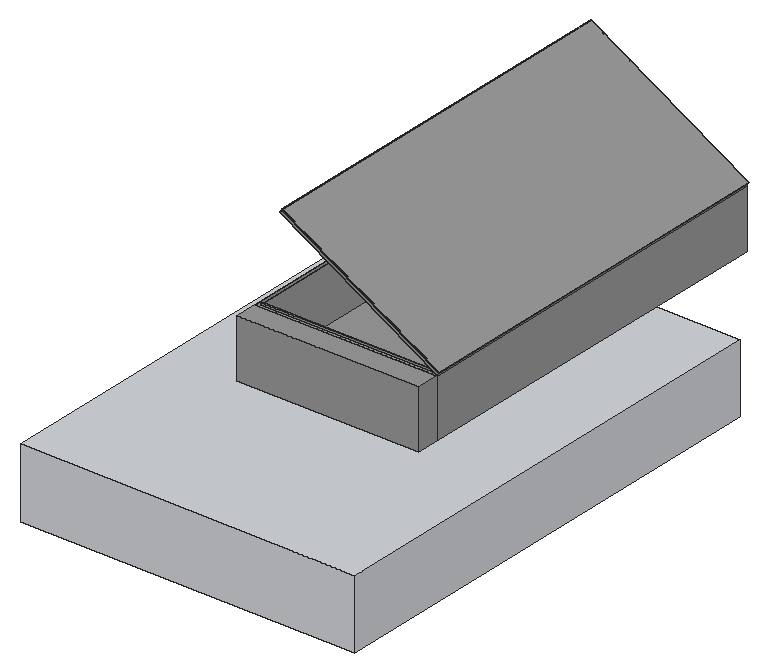
Revit family "Hager-Univers-IP55-D275-H1800-Cl.II-Steel_encl-AT-de", category Equipement électrique, Revit 2020
Family settings
  Hôte = Face
  Configuration du panneau = Deux colonnes, circuits au sein
  Cote de connecteur circulaire = Utiliser le diamètre
  Type d'élément = Tableau de raccordement
  Couper avec des vides une fois chargée = Non
  Partagée = Non
  Point de calcul de pièce = Non
Parameters (values of type "Bodenaufstellung IP55 B800 H1800 T275  - FR13S1")
  Width Control [instance] = if([EF000008 - Breite] > Min Width, [EF000008 - Breite], Min Width)  # 800 mm
  Commentaires du type = [HG000003 - Bereich]  # "Univers"
  Thickness Door [instance] = if([EF009171 - Materialstärke Tür/Deckel] > 3 mm, 3 mm, [EF009171 - Materialstärke Tür/Deckel])  # 1.5 mm
  Seal Frame Offset [instance] = 17 mm  # constant formula
  Plinth Visibility [instance] = [HG000027 - Sockelhöhe] > 0 mm  # yes
  Model = ""
  Min Width [instance] = 100 mm  # constant formula
  Min Height [instance] = 100 mm  # constant formula
  Min Depth [instance] = (2 * [EF009170 - Materialstärke Gehäuse]) + 1 mm  # 4 mm
  Internal Frame Depth [instance] = (Door System Depth * 0.5)  # 9 mm
  Height Control [instance] = if([EF000040 - Höhe] > Min Height, [EF000040 - Höhe], Min Height)  # 1800 mm
  HG000027 - Sockelhöhe = 100 mm
  HG000026 - Stehend auf dem Boden = yes
  HG000024 - Höhe des unteren Teils = 800 mm
  HG000023 - Gehäuse mit doppeltem Querschnitt = no
  HG000016 - 3D-Türsichtbarkeit [instance] = yes
  HG000015 - Sichtbarkeit der Türöffnung [instance] = no
  HG000014 - Tür rechts [instance] = yes
  HG000013 - Tür links [instance] = not([HG000014 - Tür rechts])  # no
  HG000012 - Türschwenkwinkel [instance] = 30.00°
  HG000010 - Asymmetrische Türen = no
  HG000009 - Doppelflügeligen Tür = no
  HG000006 - Unterputz = no
  HG000004 - Herstellerreferenz = "FR13S1"
  HG000003 - Bereich = "Univers"
  HG000002 - Mit tür = yes
  Frame Offset Bottom [instance] = 10 mm  # constant formula
  Frame Offset [instance] = 15 mm  # constant formula
  EF015940 - Deckel mit Überdruckentlastung = no
  EF011959 - Schutzart (NEMA) = ""
  EF009554 - Anzahl der Öffnungen für Flanschplatten = 6
  Fabricant = "Hager"  # constant formula
  EF009212 - Ausführung Deckel = "EV000116 - geschlossen"
  EF009171 - Materialstärke Tür/Deckel = 1.5 mm
  EF009170 - Materialstärke Gehäuse = 1.5 mm
  EF008873 - Nennstrom (In) = 800 A
  EF007800 - Geeignet für Blitzschutz = no
  EF006306 - Mit Schloss = no
  EF006244 - Transparenter Deckel/Tür = no
  EF005474 - Schutzart (IP) = "EV006420 - IP55"
  EF004464 - Art der Tür = "EV002646 - Einzel"
  EF004427 - Anzahl der Module = 396
  EF004293 - Schlagfestigkeit = "EV008784 - IK10"
  EF003532 - Geeignet für Außengebrauch = no
  EF002950 - Breite in Teilungseinheiten = 24
  EF001613 - Funktionserhalt = "EV000494 - ohne"
  EF001596 - Werkstoff des Gehäuses = "EV000179 - Stahl"
  EF001131 - Innentiefe = 275 mm
  EF001088 - Anbaumöglichkeit = yes
  EF000437 - Anzahl der Leitungseinführungen = 6
  EF000339 - Art der Abdeckung = "EV004216 - Tür"
  EF000266 - Anzahl der Reihen = 11
  EF000218 - Einbautiefe = 0 mm
  EF000118 - Mit Montageplatte = no
  EF000116 - RAL-Nummer = "7035"
  EF000049 - Tiefe = 275 mm
  EF000040 - Höhe = 1800 mm
  EF000008 - Breite = 800 mm
  EF000007 - Farbe = "EV000270 - grau"
  EF000003 - Montageart = "EV012274 - Bodenaufstellung"
  Door System Leaf Tolerance [instance] = 1.5 mm  # constant formula
  Door System Depth [instance] = 18 mm  # constant formula
  Door Height [instance] = Height Control - [HG000027 - Sockelhöhe]  # 1700 mm
  Depth Control [instance] = if([EF000049 - Tiefe] > Min Depth, [EF000049 - Tiefe], Min Depth)  # 275 mm
  Default Elevation = 0 mm
  Connector Offset [instance] = Height Control / 2  # 900 mm
  Bottom Top Plate Trim [instance] = 1.5 mm  # constant formula
  Plinth height Ctrl [instance] = if([HG000027 - Sockelhöhe] > 0 mm, [HG000027 - Sockelhöhe], 12 mm)  # 100 mm
Types (5, lengths in mm): name | Width Control | HG000010 - Asymmetrische Türen | HG000009 - Doppelflügeligen Tür | HG000004 - Herstellerreferenz | EF009554 - Anzahl der Öffnungen für Flanschplatten | EF004464 - Art der Tür | EF004427 - Anzahl der Module | EF000437 - Anzahl der Leitungseinführungen | EF000008 - Breite
  Bodenaufstellung IP55 B1050 H1800 T275  - FR14S1 | 1050 | yes | yes | "FR14S1" | 8 | "EV003602 - Doppel" | 528 | 8 | 1050
  Bodenaufstellung IP55 B1300 H1800 T275  - FR15S1 | 1300 | yes | yes | "FR15S1" | 10 | "EV003602 - Doppel" | 660 | 10 | 1300
  Bodenaufstellung IP55 B300 H1800 T275  - FR11S1 | 300 | no | no | "FR11S1" | 2 | "EV002646 - Einzel" | 132 | 2 | 300
  Bodenaufstellung IP55 B550 H1800 T275  - FR12S1 | 550 | no | no | "FR12S1" | 4 | "EV002646 - Einzel" | 264 | 4 | 550
  Bodenaufstellung IP55 B800 H1800 T275  - FR13S1 | 800 | no | no | "FR13S1" | 6 | "EV002646 - Einzel" | 396 | 6 | 800
Reference planes
  plane 1 "Center (Front/Back)": y = 0
  plane 2: z = 0
  plane 3 "Center (Left/Right)": x = 0
  plane 4: z = 275
  plane 5: y = 101.5
  plane 6: y = 950
  plane 7: y = 100
  plane 8: y = 1800
  plane 9: z = 0
  plane 10: x = -385
  plane 11: x = 385
  plane 12: x = 383.5
  plane 13: x = -383.5
  plane 14: y = 1798.5
  plane 15: x = -383
  plane 16: x = -400
  plane 17: x = 383
  plane 18: x = 400
  plane 19: x = 398.5
  plane 20: x = -398.5
  plane 21: y = 111.5
  plane 22: y = 1800
  plane 23: y = 1783.5
  plane 24: z = 257
  plane 25: z = 1.5
  plane 26: z = 255.5
  plane 27: z = 273.5
Forms (mm)
  Extrusion 1, solid
    sketch origin (0, 0, 0) x (1, 0, 0) y (0, 1, 0)
      loop
        line (-702.964, 1305) -> (-702.964, -811.445) -> (766.763, -811.445) -> (766.763, 1305) -> (-702.964, 1305)
    from 0 to -304.8
  Extrusion 2, solid, material "Hager_Steel_RAL7035_Light_Grey", visible <- "Plinth Visibility", detail levels medium+fine
    sketch origin (0, 0, 0) x (1, 0, 0) y (0, 1, 0)
      loop
        line (-400, 0) -> (400, 0) -> (400, 100) -> (-400, 100) -> (-400, 0)
    from 0 to 257
  Extrusion 3, solid, material "Hager_Steel_RAL7035_Light_Grey", detail levels medium+fine
    sketch origin (0, 0, 0) x (1, 0, 0) y (0, 1, 0)
      loop
        line (-400, 100) -> (400, 100) -> (400, 1800) -> (-400, 1800) -> (-400, 100)
    from 0 to 257
  Extrusion 4, void
    sketch origin (0, 0, 0) x (1, 0, 0) y (0, 1, 0)
      loop
        line (-398.5, 101.5) -> (398.5, 101.5) -> (398.5, 1798.5) -> (-398.5, 1798.5) -> (-398.5, 101.5)
    from 1.5 to 255.5
  Extrusion 5, void
    sketch origin (-381.607, -4572, 257) x (0, -1, 0) y (-1, 0, 0)
      loop
        line (-4683.5, 1.893) -> (-6355.5, 1.893) -> (-6355.5, -765.107) -> (-4683.5, -765.107) -> (-4683.5, 1.893)
    from 0 to 1.5 <- "EF009170 - Materialstärke Gehäuse"
  Extrusion 6, solid, material "Hager_Steel_RAL7035_Light_Grey", detail levels fine
    sketch origin (0, 0, 257) x (1, 0, 0) y (0, 1, 0)
      loop
        line (-383.5, 1783.5) -> (-383.5, 111.5) -> (383.5, 111.5) -> (383.5, 1783.5) -> (-383.5, 1783.5)
      loop
        line (-385, 110) -> (385, 110) -> (385, 1785) -> (-385, 1785) -> (-385, 110)
    from 0 to 9 <- "Internal Frame Depth"
  Extrusion 7, solid, material "Hager_Steel_RAL7035_Light_Grey", detail levels coarse
    sketch origin (0, 0, 0) x (1, 0, 0) y (0, 1, 0)
      loop
        line (-400, 0) -> (400, 0) -> (400, 1800) -> (-400, 1800) -> (-400, 0)
    from 0 to 275
  Sweep 8, void
    path in 3D
      loop
        line (-400, 100, 0) -> (400, 100, 0) -> (400, 100, 257) -> (-400, 100, 257) -> (-400, 100, 0)
    profile origin (-400, 100, 128.5) x (-1, 0, 0) y (0, -1, 0)
      loop
        line (0, 0) -> (0, 1.5) -> (-1.5, 1.5)
        arc (-1.5, 1.5) -> (-1.061, 0.439) -> (0, 0) r 1.5
Cuts and joins
  Extrusion 4, Extrusion 5 cuts Extrusion 3
  Sweep 8 cuts Extrusion 2
Lines and regions (mm)
  Masking region 1
    outline origin (0, 0, 0) x (1, 0, 0) y (0, 0, 1)
      loop
        line (-400, 275) -> (-400, 0) -> (400, 0) -> (400, 275) -> (-400, 275)
  Masking region 2, detail levels medium+fine
    outline origin (0, 140, 0) x (0, 1, 0) y (0, 0, 1)
      loop
        line (-40, 0) -> (1660, 0) -> (1660, 257) -> (-40, 257) -> (-40, 0)
  Masking region 3, not visible, detail levels medium+fine
    outline origin (0, 297.922, 0) x (0, 1, 0) y (0, 0, 1)
      loop
        line (663.578, 0) -> (703.578, 0) -> (703.578, 263.5)
        arc (703.578, 263.5) -> (700.649, 270.571) -> (693.578, 273.5) r 10
        line (693.578, 273.5) -> (663.578, 273.5) -> (663.578, 0)
  Masking region 4, detail levels coarse
    outline origin (0, 0, 180) x (0, 1, 0) y (0, 0, 1)
      loop
        line (0, -180) -> (1800, -180) -> (1800, 95) -> (0, 95) -> (0, -180)
  Masking region 5, visible <- "Plinth Visibility", detail levels medium+fine
    outline origin (0, 52.24, 12.345) x (0, 0, -1) y (0, 1, 0)
      loop
        line (10.845, 47.76) -> (-243.155, 47.76)
        arc (-243.155, 47.76) -> (-243.594, 46.699) -> (-244.655, 46.26) r 1.5
        line (-244.655, 46.26) -> (-244.655, -52.24) -> (12.345, -52.24) -> (12.345, 46.26)
        arc (12.345, 46.26) -> (11.285, 46.699) -> (10.845, 47.76) r 1.5
  Masking region 6, detail levels medium+fine
    outline origin (-381.607, -4572, 257) x (-1, 0, 0) y (0, -1, 0)
      loop
        line (18.393, -6372) -> (18.393, -4672) -> (-781.607, -4672) -> (-781.607, -6372) -> (18.393, -6372)
  Masking region 7, visible <- "Plinth Visibility", detail levels medium+fine
    outline origin (-381.607, -4727, 257) x (-1, 0, 0) y (0, -1, 0)
      loop
        arc (16.893, -4827) -> (17.332, -4825.939) -> (18.393, -4825.5) r 1.5
        line (18.393, -4825.5) -> (18.393, -4727) -> (-781.607, -4727) -> (-781.607, -4825.5)
        arc (-781.607, -4825.5) -> (-780.546, -4825.939) -> (-780.107, -4827) r 1.5
        line (-780.107, -4827) -> (16.893, -4827)
  Masking region 8, detail levels coarse
    outline origin (-442.548, -4669.526, 257) x (-1, 0, 0) y (0, -1, 0)
      loop
        line (-42.548, -6469.526) -> (-42.548, -4669.526) -> (-842.548, -4669.526) -> (-842.548, -6469.526) -> (-42.548, -6469.526)
  sketch lines
    curve 1: line (-400, 100, 257) -> (-400, 100, 0)
    curve 2: line (400, 100, 257) -> (-400, 100, 257)
    curve 3: line (400, 100, 257) -> (400, 100, 0)
    curve 4: line (-400, 100, 0) -> (400, 100, 0)
Dimensions and locks
  "Depth Control": plane 4 to Extrusion 1
  "HG000027 - Sockelhöhe": plane 1 "Center (Front/Back)" to plane 7
  "EF009170 - Materialstärke Gehäuse": plane 5 to plane 7
  locked: connector elem to plane 3 "Center (Left/Right)"
  equal spacing: plane 8, plane 6, plane 7
  locked: connector elem to plane 6
  "EF009170 - Materialstärke Gehäuse": plane 8 to plane 14
  "EF009170 - Materialstärke Gehäuse": plane 10 to plane 13
  "EF009170 - Materialstärke Gehäuse": plane 12 to plane 11
  "Frame Offset": plane 20 to plane 13
  "Frame Offset": plane 12 to plane 19
  "EF009170 - Materialstärke Gehäuse": plane 16 to plane 20
  "EF009170 - Materialstärke Gehäuse": plane 19 to plane 18
  "Seal Frame Offset": plane 16 to plane 15
  "Seal Frame Offset": plane 17 to plane 18
  "Frame Offset Bottom": plane 21 to plane 5
  "Frame Offset": plane 14 to plane 23
  equal spacing: plane 16, plane 3 "Center (Left/Right)", plane 18
  "Width Control": plane 16 to plane 18
  "EF009170 - Materialstärke Gehäuse": plane 4 to plane 27
  "EF009170 - Materialstärke Gehäuse": plane 24 to plane 26
  "EF009170 - Materialstärke Gehäuse": plane 25 to level
  "Door System Depth": plane 4 to plane 24
  "Height Control": plane 1 "Center (Front/Back)" to Extrusion 7 sketch curve
  "Height Control": Masking region 4 sketch curve to plane 1 "Center (Front/Back)"
  "Height Control": plane 1 "Center (Front/Back)" to plane 22
  "Bottom Top Plate Trim": profile plane to Sweep 8 sketch curve
  "Bottom Top Plate Trim": Sweep 8 sketch curve to profile plane
  "Plinth height Ctrl": plane 1 "Center (Front/Back)" to Extrusion 2 sketch curve
  "Plinth height Ctrl": Masking region 5 sketch curve to plane 1 "Center (Front/Back)"
  "Plinth height Ctrl": plane 1 "Center (Front/Back)" to Masking region 7 sketch curve
  "Thickness Door": Extrusion 6 sketch curve to Extrusion 6 sketch curve  (x3)
  "Thickness Door": cut or joined group of Extrusion 3, Extrusion 4, Extrusion 5 to Extrusion 6 sketch curve
  radius of Masking region 3 sketch curve = 10 mm
  "Bottom Top Plate Trim": radius of Masking region 5 sketch curve  (x2)
  "Bottom Top Plate Trim": radius of Sweep 8 sketch curve
  "Bottom Top Plate Trim": radius of Masking region 7 sketch curve  (x2)
  aligned and locked: plane 2 to Extrusion 1
  aligned and locked: level to Extrusion 1
  aligned and locked: level to Masking region 1 sketch curve
  aligned and locked: Masking region 1 sketch curve to plane 18
  aligned and locked: Masking region 1 sketch curve to plane 16
  aligned and locked: plane 7 to Masking region 2 sketch curve
  aligned and locked: level to Masking region 3 sketch curve
  aligned and locked: Masking region 3 sketch curve to plane 27
  aligned and locked: level to Masking region 2 sketch curve
  aligned and locked: plane 1 "Center (Front/Back)" to Extrusion 2 sketch curve
  aligned and locked: Extrusion 3 sketch curve to plane 7
  aligned and locked: plane 16 to Extrusion 3 sketch curve
  aligned and locked: plane 18 to Extrusion 3 sketch curve
  aligned and locked: plane 20 to Extrusion 4 sketch curve
  aligned and locked: plane 19 to Extrusion 4 sketch curve
  aligned and locked: Extrusion 4 sketch curve to plane 5
  aligned and locked: Extrusion 4 to plane 25
  aligned and locked: plane 26 to Extrusion 4
  aligned and locked: plane 24 to Extrusion 3
  aligned and locked: Extrusion 5 sketch curve to plane 21
  aligned and locked: Extrusion 5 sketch curve to plane 13
  aligned and locked: Extrusion 5 sketch curve to plane 12
  aligned and locked: plane 18 to Extrusion 7 sketch curve
  aligned and locked: plane 1 "Center (Front/Back)" to Extrusion 7 sketch curve
  aligned and locked: plane 16 to Extrusion 7 sketch curve
  aligned and locked: plane 4 to Extrusion 7
  aligned and locked: Extrusion 7 to level
  aligned and locked: level to Masking region 4 sketch curve
  aligned and locked: Masking region 4 sketch curve to plane 1 "Center (Front/Back)"
  aligned and locked: Masking region 4 sketch curve to plane 4
  aligned and locked: nested 1 to level
  aligned and locked: nested 1 to plane 16
  aligned and locked: plane 8 to Extrusion 3 sketch curve
  aligned and locked: plane 23 to Extrusion 5 sketch curve
  aligned and locked: plane 14 to Extrusion 4 sketch curve
  aligned and locked: Masking region 2 sketch curve to plane 8
  aligned and locked: level to Masking region 5 sketch curve
  aligned and locked: plane 16 to Extrusion 2 sketch curve
  aligned and locked: plane 18 to Extrusion 2 sketch curve
  aligned and locked: Masking region 5 sketch curve to plane 24
  aligned and locked: Masking region 2 sketch curve to plane 24
  aligned and locked: plane 24 to Extrusion 2
  aligned and locked: profile plane to Sweep 8 sketch curve  (x2)
  aligned and locked: Masking region 6 sketch curve to plane 18
  aligned and locked: Masking region 6 sketch curve to plane 22
  aligned and locked: Masking region 6 sketch curve to plane 16
  aligned and locked: plane 8 to plane 22
  aligned and locked: Masking region 6 sketch curve to plane 7
  aligned and locked: Masking region 7 sketch curve to plane 16
  aligned and locked: Masking region 7 sketch curve to plane 1 "Center (Front/Back)"
  aligned and locked: Masking region 7 sketch curve to plane 18
  aligned and locked: Masking region 8 sketch curve to plane 1 "Center (Front/Back)"
  aligned and locked: Masking region 8 sketch curve to plane 18
  aligned and locked: Masking region 8 sketch curve to plane 22
  aligned and locked: Masking region 8 sketch curve to plane 16
  aligned and locked: nested 2 to plane 7
  aligned and locked: plane 3 "Center (Left/Right)" to nested 2
  aligned and locked: nested 2 to plane 24
  aligned and locked: Extrusion 6 sketch curve to cut or joined group of Extrusion 3, Extrusion 4, Extrusion 5  (x4)
Automatic sketch dimensions
  Extrusion 1 sketch curve to Extrusion 1 sketch curve = 1469.727 mm
  Extrusion 1 sketch curve to Extrusion 1 sketch curve = 2116.445 mm
  Masking region 1 sketch curve to plane 4 = 0 mm
  plane 6 to Masking region 3 sketch curve = 11.5 mm
  Masking region 3 sketch curve to Masking region 3 sketch curve = 30 mm
  Masking region 5 sketch curve to plane 1 "Center (Front/Back)" = 0 mm
Nested families
  nested 1: "Hager_Enclosure_Symbol" at (-400, 0, 0) x (1, 0, 0) z (0, -1, 0), Height <- "Depth Control", Width <- "Width Control", type "Hager_Enclosure_Symbol"
    with Width_Ctrl 800 mm, Width 800 mm, Height_Ctrl 275 mm, Height 275 mm, A_Width_Int 18.047 mm, A_Width 216.562 mm, A_Height_Ctrl 240.625 mm, A_Height 240.625 mm
  nested 2: "EC000058_Univers_Door" at (0, 100, 257) x (1, 0, 0) z (0, 1, 0), Leaf_Tolerance <- "Door System Leaf Tolerance", Angle <- "HG000012 - Türschwenkwinkel", Door_Depth <- "Door System Depth", Door_Left <- "HG000013 - Tür links", Transparent <- "EF006244 - Transparenter Deckel/Tür", Assymetrical <- "HG000010 - Asymmetrische Türen", Width <- "Width Control", Clearance <- "HG000015 - Sichtbarkeit der Türöffnung", Double <- "HG000009 - Doppelflügeligen Tür", 3d_Door <- "HG000016 - 3D-Türsichtbarkeit", Lock_Visibility <- "EF006306 - Mit Schloss", Width_Ctrl <- "Width Control", Door_Right <- "HG000014 - Tür rechts", Door <- "HG000002 - Mit tür", Height <- "Door Height", Thickness <- "Thickness Door", type "EC000058_Univers_Door", detail levels medium+fine
    with min_wh 4 mm, Width_Ctrl 800 mm, Width 800 mm, Transparent no, Thickness 1.5 mm, Seal_Material Hager_Rubber, Lock_Visibility no, Lock_Material Hager_Plastic_RAL9005_Jet_Black, Leaf_Width 800 mm, Leaf_Tolerance_External_Sides 0 mm, Leaf_Tolerance 1.5 mm, Leaf_Offset 0 mm, Leaf_Height 1697 mm, Leaf_2_Width 800 mm, Leaf_2_Offset 400 mm, Leaf_1_Width 800 mm, Leaf_1_Offset 400 mm, Height_Ctrl 1700 mm, Height 1700 mm, Glass_Material Hager_Glass, Double_Clearance_Ctrl no, Double no, Door_Right_Ctrl yes, Door_Right yes, Door_Material Hager_Steel_RAL7035_Light_Grey, Door_Left_Ctrl no, Door_Left no, Door_Depth 18 mm, Door yes, Clearance_Material Hager_Clearance, Clearance_Depth 800 mm, Clearance_Ctrl no, Clearance no, Assymetrical no, Angle 30.00°, 3d_Door yes
Connectors
  electrical at (0, 950, 0)
    settings: on plane 9, index 1, voltage 0 V, apparent load 0 VA, apparent load phase1 0 VA, apparent load phase2 0 VA, apparent load phase3 0 VA, power factor 1, load classification "Other", number of poles 1, system type 30, power factor state 1, is connector primary yes, connector utility no, sub classification motor no, connector description ""
Definition of nested family "EC000058_Univers_Door"
  Parameters (values of type "EC000058_Univers_Door")
    min_wh [instance] = (2 * Thickness) + 1 mm  # 11 mm
    Width_Ctrl [instance] = 400 mm
    Width [instance] = 500 mm
    Transparent [instance] = yes
    Thickness [instance] = 5 mm
    Seal_Material [instance] = none
    Lock_Visibility [instance] = yes
    Lock_Material [instance] = none
    Leaf_Width [instance] = if((Width_Ctrl - 2 * Leaf_Tolerance_External_Sides) > 0 mm, (Width_Ctrl - 2 * Leaf_Tolerance_External_Sides), min_wh)  # 400 mm
    Leaf_Tolerance_External_Sides [instance] = 0 mm  # constant formula
    Leaf_Tolerance [instance] = 1.5 mm
    Leaf_Offset [instance] = 0 mm  # constant formula
    Leaf_Height [instance] = if((Height_Ctrl - 2 * Leaf_Tolerance) > 0 mm, (Height_Ctrl - 2 * Leaf_Tolerance), min_wh)  # 497 mm
    Leaf_2_Width [instance] = if(and(and(Double, Assymetrical), Door_Left), (Leaf_Width / 3) - (Leaf_Tolerance / 2), if(and(and(Double, Assymetrical), Door_Right), (Leaf_Width / 3) * 2 - (Leaf_Tolerance / 2), if(and(Double, not(Assymetrical)), (Leaf_Width / 2) - Leaf_Tolerance, Leaf_Width)))  # 400 mm
    Leaf_2_Offset [instance] = if(and(Double, Assymetrical), Leaf_2_Width / 2, if(and(Double, not(Assymetrical)), Leaf_Width / 4, Leaf_Width / 2))  # 200 mm
    Leaf_1_Width [instance] = if(and(and(Double, Assymetrical), Door_Right), (Leaf_Width / 3) - (Leaf_Tolerance / 2), if(and(and(Double, Assymetrical), Door_Left), (Width / 3) * 2 - (Leaf_Tolerance / 2), if(and(Double, not(Assymetrical)), (Leaf_Width / 2) - Leaf_Tolerance, Leaf_Width)))  # 400 mm
    Leaf_1_Offset [instance] = if(and(Double, Assymetrical), Leaf_1_Width / 2, if(and(Double, not(Assymetrical)), Leaf_Width / 4, Leaf_Width / 2))  # 200 mm
    Height_Ctrl [instance] = if(Height > min_wh, Height, min_wh)  # 500 mm
    Height [instance] = 500 mm
    Glass_Material [instance] = none
    Double_Clearance_Ctrl [instance] = and(Double, Clearance)  # no
    Double [instance] = no
    Door_Right_Ctrl [instance] = and(or(Door_Right, Double), Door)  # yes
    Door_Right [instance] = yes
    Door_Material [instance] = none
    Door_Left_Ctrl [instance] = and(or(Door_Left, Double), Door)  # no
    Door_Left [instance] = no
    Door_Depth [instance] = 30 mm
    Door [instance] = yes
    Default Elevation = 1219.2 mm
    Clearance_Material [instance] = none
    Clearance_Depth [instance] = if(Leaf_1_Width > Leaf_2_Width, Leaf_1_Width, Leaf_2_Width)  # 400 mm
    Clearance_Ctrl [instance] = and(not(Double), Clearance)  # yes
    Clearance [instance] = yes
    Assymetrical [instance] = yes
    Angle [instance] = 30.00°
    3d_Door [instance] = yes
  Reference planes
    plane 1 "Center (Front/Back)": y = 0
    plane 2 "Bottom": z = 0
    plane 3 "Center (Left/Right)": x = 0
    plane 4: z = 500
    plane 5: x = -200
    plane 6: x = 200
    plane 7: z = 500
    plane 8: x = -200
    plane 9: z = 0
    plane 10: x = 200
    plane 11: y = 0
    plane 12: z = 1.5
    plane 13: x = -600
    plane 14: y = -400
    plane 15: x = 600
    plane 16: x = 0
    plane 17: x = 0
    plane 18: x = -200
    plane 19: x = 200
    plane 20: z = 498.5
  Forms (mm)
    Extrusion 1, solid, material <- "Clearance_Material", visible <- "Double_Clearance_Ctrl"
      sketch origin (1200, 0, 0) x (1, 0, 0) y (0, 0, -1)
        loop
          line (-1800, -498.5) -> (-600, -498.5) -> (-600, 0) -> (-1800, 0) -> (-1800, -498.5)
      from 0 to -400
  Dimensions and locks
    equal spacing: plane 5, plane 3 "Center (Left/Right)", plane 6
    "Width_Ctrl": plane 5 to plane 6
    "Leaf_Offset": plane 5 to plane 8
    "Leaf_Offset": plane 6 to plane 10
    "Leaf_Offset": plane 9 to level
    "Leaf_Offset": plane 4 to plane 7
    "Height_Ctrl": plane 4 to level
    "Leaf_Tolerance": plane 12 to plane 9
    locked: plane 11 to plane 1 "Center (Front/Back)"
    "Leaf_1_Offset": plane 18 to plane 16
    "Leaf_2_Offset": plane 17 to plane 19
    "Leaf_1_Width": plane 13 to plane 8
    "Leaf_2_Width": plane 10 to plane 15
    "Clearance_Depth": plane 14 to plane 1 "Center (Front/Back)"
    "Leaf_Tolerance_External_Sides": plane 8 to plane 18
    "Leaf_Tolerance_External_Sides": plane 19 to plane 10
    "Leaf_Tolerance": plane 7 to plane 20
    aligned and locked: level to plane 2 "Bottom"
    aligned and locked: nested 1 to plane 16
    aligned and locked: nested 2 to plane 17
    aligned and locked: Extrusion 1 to plane 13
    aligned and locked: plane 15 to Extrusion 1
    aligned and locked: Extrusion 1 to plane 14
    aligned and locked: plane 12 to nested 1
    aligned and locked: nested 2 to plane 12
    aligned and locked: Extrusion 1 to plane 11
    aligned and locked: plane 20 to Extrusion 1
    aligned and locked: nested 2 to plane 11
    aligned and locked: nested 1 to plane 11
  Automatic sketch dimensions
    Extrusion 1 sketch curve to level = 0 mm
    plane 5 to Extrusion 1 sketch curve = 400 mm
    plane 6 to Extrusion 1 sketch curve = 400 mm
    Extrusion 1 sketch curve to plane 4 = 1.5 mm
  Nested families
    nested 1: "EC000058_Univers_Door_Leaf" at (0, 0, 1.5), Width <- "Leaf_1_Width", visible <- "Door_Left_Ctrl", Leaf_Height <- "Leaf_Height", Angle <- "Angle", 3d_Door <- "3d_Door", Transparent <- "Transparent", Clearance Material <- "Clearance_Material", Clearance <- "Clearance_Ctrl", Door_Material <- "Door_Material", Glass_Material <- "Glass_Material", Door_Depth <- "Door_Depth", Lock_Material <- "Lock_Material", Seal_Material <- "Seal_Material", Lock_Visibility <- "Lock_Visibility", Thickness <- "Thickness", type "EC000058_Univers_Door_Leaf"
      with Width 400 mm, Transparent_Glass_Offset 30 mm, Transparent_Ctrl yes, Transparent yes, Thickness 5 mm, Standard no, Seal_Material none, Seal_D2 8 mm, Seal_D1 1 mm, Offset_Internal_Frame 10 mm, Lock_Width 20 mm, Lock_Visibility_3d yes, Lock_Visibility yes, Lock_Thickness_3 3 mm, Lock_Thickness_2 1 mm, Lock_Thickness_1 3 mm, Lock_Radius_Offset_2 16 mm, Lock_Radius_Offset_1 15 mm, Lock_Radius_2 5 mm, Lock_Radius 6 mm, Lock_Offset 5 mm, Lock_Material none, Lock_Height 80 mm, Lock_Cover_Top_Offset_2d 17 mm, Lock_Cover_Height -65 mm, Leaf_Height 497 mm, Internal_Seal_Thickness 8 mm, Internal_Seal_Depth_2 4.5 mm, Internal_Frame_Depth 25 mm, Glass_Thickness -1 mm, Glass_Offset -2 mm, Glass_Material none, Door_Material none, Door_Depth 30 mm, Clearance Material none, Clearance yes, Angle_Ctrl 30.00°, Angle 30.00°, 3d_Door yes
    nested 2: "EC000058_Univers_Door_Leaf" at (0, 0, 1.5) x (-1, 0, 0) z (0, 0, 1), Width <- "Leaf_2_Width", visible <- "Door_Right_Ctrl", Leaf_Height <- "Leaf_Height", Angle <- "Angle", 3d_Door <- "3d_Door", Transparent <- "Transparent", Clearance Material <- "Clearance_Material", Clearance <- "Clearance_Ctrl", Door_Material <- "Door_Material", Glass_Material <- "Glass_Material", Door_Depth <- "Door_Depth", Lock_Material <- "Lock_Material", Seal_Material <- "Seal_Material", Lock_Visibility <- "Lock_Visibility", Thickness <- "Thickness", type "EC000058_Univers_Door_Leaf"
      with Width 400 mm, Transparent_Glass_Offset 30 mm, Transparent_Ctrl yes, Transparent yes, Thickness 5 mm, Standard no, Seal_Material none, Seal_D2 8 mm, Seal_D1 1 mm, Offset_Internal_Frame 10 mm, Lock_Width 20 mm, Lock_Visibility_3d yes, Lock_Visibility yes, Lock_Thickness_3 3 mm, Lock_Thickness_2 1 mm, Lock_Thickness_1 3 mm, Lock_Radius_Offset_2 16 mm, Lock_Radius_Offset_1 15 mm, Lock_Radius_2 5 mm, Lock_Radius 6 mm, Lock_Offset 5 mm, Lock_Material none, Lock_Height 80 mm, Lock_Cover_Top_Offset_2d 17 mm, Lock_Cover_Height -65 mm, Leaf_Height 497 mm, Internal_Seal_Thickness 8 mm, Internal_Seal_Depth_2 4.5 mm, Internal_Frame_Depth 25 mm, Glass_Thickness -1 mm, Glass_Offset -2 mm, Glass_Material none, Door_Material none, Door_Depth 30 mm, Clearance Material none, Clearance yes, Angle_Ctrl 30.00°, Angle 30.00°, 3d_Door yes
  Definition of nested family "EC000058_Univers_Door_Leaf"
    Parameters (values of type "EC000058_Univers_Door_Leaf")
      Width [instance] = 2000 mm
      Transparent_Glass_Offset [instance] = 30 mm
      Transparent_Ctrl [instance] = and(Transparent, [3d_Door])  # yes
      Transparent [instance] = yes
      Thickness [instance] = 5 mm
      Standard [instance] = and(not(Transparent), [3d_Door])  # no
      Seal_Material [instance] = none
      Seal_D2 [instance] = 8 mm  # constant formula
      Seal_D1 [instance] = 1 mm  # constant formula
      Offset_Internal_Frame [instance] = 10 mm  # constant formula
      Lock_Width [instance] = 20 mm  # constant formula
      Lock_Visibility_3d [instance] = and(Lock_Visibility, [3d_Door])  # yes
      Lock_Visibility [instance] = yes
      Lock_Thickness_3 [instance] = 3 mm  # constant formula
      Lock_Thickness_2 [instance] = 1 mm  # constant formula
      Lock_Thickness_1 [instance] = 3 mm  # constant formula
      Lock_Radius_Offset_2 [instance] = Lock_Radius_Offset_1 + 1 mm  # 16 mm
      Lock_Radius_Offset_1 [instance] = 15 mm  # constant formula
      Lock_Radius_2 [instance] = Lock_Radius - 1 mm  # 5 mm
      Lock_Radius [instance] = 6 mm  # constant formula
      Lock_Offset [instance] = 5 mm  # constant formula
      Lock_Material [instance] = none
      Lock_Height [instance] = 80 mm  # constant formula
      Lock_Cover_Top_Offset_2d [instance] = Lock_Radius_Offset_2 + 1 mm  # 17 mm
      Lock_Cover_Height [instance] = -(Lock_Height - Lock_Radius_Offset_1)  # -65 mm
      Leaf_Height [instance] = 2720.336 mm
      Internal_Seal_Thickness [instance] = 8 mm  # constant formula
      Internal_Seal_Depth_2 [instance] = 4.5 mm  # constant formula
      Internal_Frame_Depth [instance] = if(Door_Depth - Thickness > 5 mm, Door_Depth - Thickness, 5 mm)  # 25 mm
      Glass_Thickness [instance] = if(Thickness > 15 mm, Glass_Offset + 10 mm, -1 mm)  # -1 mm
      Glass_Offset [instance] = if(Thickness > 15 mm, -(Thickness + 10 mm) / 2, -2 mm)  # -2 mm
      Glass_Material [instance] = none
      Door_Material [instance] = none
      Door_Depth [instance] = 30 mm
      Default Elevation = 0 mm
      Clearance Material [instance] = none
      Clearance [instance] = yes
      Angle_Ctrl [instance] = if(Angle > 180.00°, 180.00°, Angle)  # 90.00°
      Angle [instance] = 90.00°
      3d_Door [instance] = yes
    Reference planes
      plane 1 "Center (Front/Back)": y = 0
      plane 2: z = 0
      plane 3 "Center (Left/Right)": x = 0
      plane 4: y = 2000
      plane 5: x = -1000
      plane 6: x = 1000
      plane 7: x = -3000
      plane 8: z = 2720.336
      plane 9: z = 30
      plane 10: z = 2690.336
      plane 11: x = 970
      plane 12: x = -970
      plane 13: y = -3
      plane 14: z = 107.833
      plane 15: y = -5
      plane 16: y = -223.314
      plane 17: x = -1000
      plane 18: z = 1360.168
      plane 19: y = 30
    Forms (mm)
      Extrusion 1, solid, material <- "Clearance Material", visible <- "Clearance"
        sketch origin (0, 0, 0) x (1, 0, 0) y (0, 0, 1)
          loop
            line (-3000, 2720.336) -> (-3000, 0) -> (1000, 0) -> (1000, 2720.336) -> (-3000, 2720.336)
        from 0 to -2000
      Extrusion 2, solid, material <- "Door_Material", visible <- "Standard", detail levels medium+fine
        sketch origin (-1000, 0, 0) x (0, 1, 0) y (-1, 0, 0)
          loop
            line (0, 30) -> (0, 25) -> (2000, 25) -> (2000, 30) -> (0, 30)
        from 0 to 2720.336 <- "Leaf_Height"
      Extrusion 3, solid, material <- "Door_Material", visible <- "Transparent_Ctrl", detail levels medium+fine
        sketch origin (-1000, 0, 0) x (0, 1, 0) y (-1, 0, 0)
          loop
            line (0, 25) -> (2000, 25) -> (2000, 30) -> (0, 30) -> (0, 25)
        from 0 to 2720.336 <- "Leaf_Height"
      Extrusion 4, void
        sketch origin (-1025, 2000, 0) x (0, 1, 0) y (0, 0, -1)
          loop
            line (-30, -2690.336) -> (-30, -30) -> (-1970, -30) -> (-1970, -2690.336) -> (-30, -2690.336)
        from 0 to 5 <- "Thickness"
      Sweep 5, solid, material <- "Seal_Material", visible <- "Transparent_Ctrl", detail levels fine
        path in 3D
          loop
            line (-1025, 30, 30) -> (-1025, 30, 2690.336) -> (-1025, 1970, 2690.336) -> (-1025, 1970, 30) -> (-1025, 30, 30)
        profile origin (-1025, 1000, 30) x (1, 0, 0) y (0, 0, 1)
          loop
            line (0, 0) -> (0, -8) -> (1, -8) -> (1, 0) -> (0, 0)
      Extrusion 6, solid, material <- "Glass_Material", visible <- "Transparent_Ctrl", detail levels medium+fine
        sketch origin (-1030, 0, 0) x (0, 1, 0) y (0, 0, -1)
          loop
            line (1970, -2690.336) -> (1970, -30) -> (30, -30) -> (30, -2690.336) -> (1970, -2690.336)
        from -2 <- "Glass_Offset" to -1 <- "Glass_Thickness"
      Extrusion 7, solid, material <- "Door_Material", visible <- "3d_Door", detail levels medium+fine
        sketch origin (-1025, 2000, 0) x (0, -1, 0) y (0, 0, -1)
          loop
            line (0, -2720.336) -> (2000, -2720.336) -> (2000, 0) -> (0, 0) -> (0, -2720.336)
          loop
            line (1995, -5) -> (5, -5) -> (5, -2715.336) -> (1995, -2715.336) -> (1995, -5)
        from 0 to 25 <- "Internal_Frame_Depth"
      Sweep 8, solid, material <- "Seal_Material", visible <- "Transparent_Ctrl", detail levels fine
        path in 3D
          loop
            line (-1025, 0, 0) -> (-1025, 2000, 0) -> (-1025, 2000, 2720.336) -> (-1025, 0, 2720.336) -> (-1025, 0, 0)
        profile origin (-1025, 0, 1360.168) x (1, 0, 0) y (0, 1, 0)
          loop
            line (0, 10) -> (2.975, 10)
            arc (2.975, 10) -> (4.053, 10.447) -> (4.5, 11.525) r 1.525
            line (4.5, 11.525) -> (4.5, 16.527)
            arc (4.5, 16.527) -> (4.069, 17.569) -> (3.027, 18) r 1.473
            line (3.027, 18) -> (0, 18) -> (0, 10)
      Extrusion 9, solid, material <- "Lock_Material", visible <- "Lock_Visibility_3d", detail levels fine
        sketch origin (-1030, 0, 0) x (0, 1, 0) y (0, 0, -1)
          loop
            arc (1993.5, -1400.168) -> (1994.561, -1399.729) -> (1995, -1398.668) r 1.5
            line (1995, -1398.668) -> (1995, -1320.168) -> (1975, -1320.168) -> (1975, -1398.668)
            arc (1975, -1398.668) -> (1975.439, -1399.729) -> (1976.5, -1400.168) r 1.5
            line (1976.5, -1400.168) -> (1993.5, -1400.168)
        from 3 <- "Lock_Thickness_1" to 0
      Blend 10, solid, material <- "Lock_Material", visible <- "Lock_Visibility_3d", detail levels fine
        base sketch origin (-1033, 0, 0) x (0, 1, 0) y (0, 0, -1)
          loop
            line (1975, -1320.168) -> (1975, -1398.668)
            arc (1975, -1398.668) -> (1975.439, -1399.729) -> (1976.5, -1400.168) r 1.5
            line (1976.5, -1400.168) -> (1993.5, -1400.168)
            arc (1993.5, -1400.168) -> (1994.561, -1399.729) -> (1995, -1398.668) r 1.5
            line (1995, -1398.668) -> (1995, -1320.168) -> (1975, -1320.168)
        top sketch origin (-1033, 0, 0) x (0, 1, 0) y (0, 0, -1)
          loop
            line (1976, -1320.168) -> (1976, -1398.668)
            arc (1976, -1398.668) -> (1976.146, -1399.022) -> (1976.5, -1399.168) r 0.5
            line (1976.5, -1399.168) -> (1993.5, -1399.168)
            arc (1993.5, -1399.168) -> (1993.854, -1399.022) -> (1994, -1398.668) r 0.5
            line (1994, -1398.668) -> (1994, -1320.168) -> (1976, -1320.168)
        from 0 to 1 <- "Lock_Thickness_2"
      Blend 11, solid, material <- "Lock_Material", visible <- "Lock_Visibility_3d", detail levels fine
        base sketch origin (-1034, 0, 0) x (0, 1, 0) y (0, 0, -1)
          loop
            line (1978, -1320.168) -> (1978, -1384.168)
            arc (1978, -1384.168) -> (1985, -1391.168) -> (1992, -1384.168) r 7
            line (1992, -1384.168) -> (1992, -1320.168) -> (1978, -1320.168)
        top sketch origin (-1034, 0, 0) x (0, 1, 0) y (0, 0, -1)
          loop
            line (1991, -1320.168) -> (1979, -1320.168) -> (1979, -1383.168)
            arc (1979, -1383.168) -> (1985, -1389.168) -> (1991, -1383.168) r 6
            line (1991, -1383.168) -> (1991, -1320.168)
        from 0 to 3 <- "Lock_Thickness_3"
      Extrusion 12, solid, material <- "Lock_Material", visible <- "Lock_Visibility_3d", detail levels fine
        sketch origin (-1030, 1975, 1320.168) x (1, 0, 0) y (0, -1, 0)
          loop
            line (-7, -19) -> (-7, -1) -> (0, -1) -> (0, 0) -> (-8, 0) -> (-8, -20) -> (0, -20) -> (0, -19) -> (-7, -19)
        from 0 to -65 <- "Lock_Cover_Height"
      Extrusion 13, void
        sketch origin (-1038, 1995, 1320.168) x (-1, 0, 0) y (0, 0, -1)
          loop
            line (-5, -65) -> (0, -65) -> (-5, -60) -> (-5, -65)
        from 0 to 20 <- "Lock_Width"
      Extrusion 14, void
        sketch origin (-1038, 1975, 1320.168) x (0, -1, 0) y (0, 0, -1)
          loop
            circle (-10, -15.995) r 6
          loop
            circle (-10, -15.995) r 5
        from 0 to 2
      Extrusion 15, solid, material <- "Lock_Material", visible <- "Lock_Visibility_3d", detail levels medium
        sketch origin (-1030, 0, 0) x (0, 1, 0) y (0, 0, -1)
          loop
            arc (1993.5, -1400.168) -> (1994.561, -1399.729) -> (1995, -1398.668) r 1.5
            line (1995, -1398.668) -> (1995, -1320.168) -> (1975, -1320.168) -> (1975, -1398.668)
            arc (1975, -1398.668) -> (1975.439, -1399.729) -> (1976.5, -1400.168) r 1.5
            line (1976.5, -1400.168) -> (1993.5, -1400.168)
        from 8 to 0
    Cuts and joins
      Extrusion 4 cuts Extrusion 3
      Extrusion 13, Extrusion 14 cuts Extrusion 9
      Extrusion 14 cuts Blend 11
      Extrusion 13, Extrusion 14 cuts Extrusion 12
      joined: Extrusion 9, Blend 10, Blend 11, Extrusion 12
      Extrusion 14 cuts Extrusion 15
    Lines and regions (mm)
      Masking region 1, visible <- "Lock_Visibility", detail levels fine
        outline origin (0, 0, 0) x (0, 1, 0) y (0, 0, 1)
          loop
            line (30, 1320.168) -> (33, 1320.168) -> (33, 1400.168) -> (30, 1400.168) -> (30, 1320.168)
      Masking region 2, visible <- "Lock_Visibility", detail levels fine
        outline origin (0, 3.143, 0) x (0, 1, 0) y (0, 0, 1)
          loop
            line (29.857, 1354.168) -> (30.857, 1354.168) -> (30.857, 1366.168) -> (29.857, 1366.168) -> (29.857, 1354.168)
      Masking region 3, detail levels medium+fine
        outline origin (0, 0, 0) x (0, 1, 0) y (0, 0, 1)
          loop
            line (0, 0) -> (30, 0) -> (30, 2720.336) -> (0, 2720.336) -> (0, 0)
      Masking region 4, detail levels medium+fine
        outline origin (0, 0, 0) x (1, 0, 0) y (0, 0, 1)
          loop
            line (-1000, 2720.336) -> (-1000, 0) -> (1000, 0) -> (1000, 2720.336) -> (-1000, 2720.336)
      Masking region 5, visible <- "Lock_Visibility", detail levels fine
        outline origin (-47.116, 0, 0) x (1, 0, 0) y (0, 0, 1)
          loop
            arc (1024.616, 1399.168) -> (1023.556, 1398.729) -> (1023.116, 1397.668) r 1.5
            line (1023.116, 1397.668) -> (1023.116, 1320.168) -> (1041.116, 1320.168) -> (1041.116, 1397.668)
            arc (1041.116, 1397.668) -> (1040.677, 1398.729) -> (1039.616, 1399.168) r 1.5
            line (1039.616, 1399.168) -> (1024.616, 1399.168)
      Masking region 6, visible <- "Lock_Visibility", detail levels medium+fine
        outline origin (-25, 0, 0) x (1, 0, 0) y (0, 0, 1)
          loop
            arc (1001.5, 1400.168) -> (1000.439, 1399.729) -> (1000, 1398.668) r 1.5
            line (1000, 1398.668) -> (1000, 1320.168) -> (1020, 1320.168) -> (1020, 1398.668)
            arc (1020, 1398.668) -> (1019.561, 1399.729) -> (1018.5, 1400.168) r 1.5
            line (1018.5, 1400.168) -> (1001.5, 1400.168)
      Masking region 7, visible <- "Lock_Visibility", detail levels fine
        outline origin (-73.735, 0, 0) x (1, 0, 0) y (0, 0, 1)
          loop
            line (1051.735, 1382.168) -> (1065.735, 1382.168) -> (1065.735, 1384.168)
            arc (1065.735, 1384.168) -> (1058.735, 1391.168) -> (1051.735, 1384.168) r 7
            line (1051.735, 1384.168) -> (1051.735, 1382.168)
      Masking region 8, visible <- "Lock_Visibility", detail levels fine
        outline origin (-73.735, 0, 0) x (1, 0, 0) y (0, 0, 1)
          loop
            line (1052.735, 1382.168) -> (1064.735, 1382.168) -> (1064.735, 1383.168)
            arc (1064.735, 1383.168) -> (1058.735, 1389.168) -> (1052.735, 1383.168) r 6
            line (1052.735, 1383.168) -> (1052.735, 1382.168)
      Masking region 9, visible <- "Lock_Visibility", detail levels fine
        outline origin (-25, 0, 0) x (1, 0, 0) y (0, 0, 1)
          loop
            line (1020, 1320.168) -> (1020, 1382.168) -> (1000, 1382.168) -> (1000, 1320.168) -> (1020, 1320.168)
      Masking region 10, detail levels medium+fine
        outline origin (0, 0, 0) x (1, 0, 0) y (0, 0, 1)
          loop
            circle (985, 1335.144) r 6
      Masking region 11, detail levels fine
        outline origin (0, 0, 0) x (1, 0, 0) y (0, 0, 1)
          loop
            circle (985, 1335.144) r 5
      Masking region 12, visible <- "Lock_Visibility", detail levels fine
        outline origin (0, 12.767, 0) x (0, 1, 0) y (0, 0, 1)
          loop
            line (20.233, 1320.168) -> (21.233, 1320.168) -> (21.233, 1399.168) -> (20.233, 1400.168) -> (20.233, 1320.168)
      Masking region 13, visible <- "Lock_Visibility", detail levels fine
        outline origin (0, 13.767, -10) x (0, 1, 0) y (0, 0, 1)
          loop
            line (20.233, 1330.168) -> (23.233, 1330.168) -> (23.233, 1399.168) -> (20.233, 1402.168) -> (20.233, 1330.168)
      Masking region 14, visible <- "Lock_Visibility", detail levels fine
        outline origin (0, 12.767, -10) x (0, 1, 0) y (0, 0, 1)
          loop
            line (20.233, 1330.168) -> (25.233, 1330.168) -> (25.233, 1399.305) -> (20.233, 1394.305) -> (20.233, 1330.168)
      Masking region 15, visible <- "Lock_Visibility", detail levels medium
        outline origin (0, 0, 0) x (0, 1, 0) y (0, 0, 1)
          loop
            line (30, 1320.168) -> (38, 1320.168) -> (38, 1400.168) -> (30, 1400.168) -> (30, 1320.168)
      Masking region 16, visible <- "Lock_Visibility", detail levels fine
        outline origin (-1000, 0, 0) x (0, 1, 0) y (-1, 0, 0)
          loop
            line (1975, 30) -> (1995, 30) -> (1995, 38) -> (1975, 38) -> (1975, 30)
          loop
            line (1979, 37) -> (1976, 37) -> (1976, 34) -> (1978, 34) -> (1979, 37)
          loop
            line (1994, 37) -> (1991, 37) -> (1992, 34) -> (1994, 34) -> (1994, 37)
      Masking region 17, visible <- "Lock_Visibility", detail levels medium
        outline origin (-1000, 0, 0) x (0, 1, 0) y (-1, 0, 0)
          loop
            line (1975, 30) -> (1995, 30) -> (1995, 38) -> (1975, 38) -> (1975, 30)
      symbolic lines
        curve 1: line (1000, 0, 0) -> (-3000, 0, 0)
        curve 2: arc (1000, 0, 0) -> (-1000, 2000, 0) -> (-3000, 0, 0) r 2000
        curve 4: line (-1030, 0, 0) -> (-1030, 2000, 0)
      reference lines
        curve 3: line (-1000, 0, 0) -> (-1000, 2000, 0)
      symbolic lines, detail levels medium+fine
        curve 5: line (-1030, 2000, 0) -> (-1025, 2000, 0)
        curve 7: line (-1025, 0, 0) -> (-1030, 0, 0)
        curve 8: line (-1025, 0, 0) -> (-1000, 0, 0)
        curve 9: line (-1000, 0, 0) -> (-1000, 2000, 0)
        curve 10: line (-1000, 2000, 0) -> (-1025, 2000, 0)
      symbolic lines, detail levels fine
        curve 6: line (-1025, 2000, 0) -> (-1025, 0, 0)
      sketch lines
        curve 11: line (-1025, 0, 2720.336) -> (-1025, 0, 0)
        curve 12: line (-1025, 2000, 0) -> (-1025, 0, 0)
        curve 13: line (-1025, 2000, 2720.336) -> (-1025, 2000, 0)
        curve 14: line (-1025, 0, 2720.336) -> (-1025, 2000, 2720.336)
        curve 15: line (-1025, 1970, 30) -> (-1025, 30, 30)
        curve 16: line (-1025, 30, 30) -> (-1025, 30, 2690.336)
        curve 17: line (-1025, 1970, 2690.336) -> (-1025, 1970, 30)
        curve 18: line (-1025, 30, 2690.336) -> (-1025, 1970, 2690.336)
      symbolic lines, visible <- "Transparent", detail levels medium+fine
        curve 19: line (-970, 0, 2690.336) -> (970, 0, 2690.336)
        curve 20: line (-970, 0, 30) -> (-970, 0, 2690.336)
        curve 21: line (970, 0, 30) -> (-970, 0, 30)
        curve 22: line (970, 0, 2690.336) -> (970, 0, 30)
    Dimensions and locks
      "Width": plane 1 "Center (Front/Back)" to plane 4
      equal spacing: plane 5, plane 3 "Center (Left/Right)", plane 6
      "Width": plane 5 to plane 6
      "Width": plane 7 to plane 5
      "Leaf_Height": plane 8 to level
      "Width": curve 5 to curve 3
      "Width": curve 3 to curve 3
      plane 8 to plane 10 = 30 mm
      plane 9 to level = 30 mm
      plane 12 to plane 5 = 30 mm
      plane 6 to plane 11 = 30 mm
      Extrusion 1 to Extrusion 4 sketch curve = 30 mm
      "Transparent_Glass_Offset": curve 3 to Extrusion 4 sketch curve
      "Transparent_Glass_Offset": Extrusion 4 sketch curve to cut or joined group of Extrusion 3, Extrusion 4  (x2)
      cut or joined group of Extrusion 3, Extrusion 4 to Extrusion 6 sketch curve = 30 mm
      "Transparent_Glass_Offset": cut or joined group of Extrusion 3, Extrusion 4 to Extrusion 4 sketch curve
      "Thickness": curve 6 to curve 4
      "Thickness": Extrusion 7 sketch curve to Extrusion 7 sketch curve  (x4)
      "Door_Depth": curve 4 to curve 3
      "Offset_Internal_Frame": profile plane to Sweep 8 sketch curve
      "Internal_Seal_Thickness": Sweep 8 sketch curve to Sweep 8 sketch curve
      "Internal_Seal_Depth_2": profile plane to Sweep 8 sketch curve
      "Seal_D1": profile plane to Sweep 5 sketch curve
      "Seal_D2": profile plane to Sweep 5 sketch curve
      "Thickness": Extrusion 2 sketch curve to Extrusion 2 sketch curve
      equal spacing: Extrusion 9 sketch curve, plane 18, Extrusion 9 sketch curve  (x2)
      equal spacing: Masking region 1 sketch curve, plane 18, Masking region 1 sketch curve
      "Lock_Height": Masking region 1 sketch curve to Masking region 1 sketch curve
      "Lock_Radius": Masking region 2 sketch curve to plane 18 to Masking region 2 sketch curve
      Masking region 2 sketch curve to Masking region 1 = 1 mm
      "Door_Depth": plane 19 to plane 1 "Center (Front/Back)"
      "Lock_Thickness_1": Masking region 1 sketch curve to plane 19
      "Lock_Width": Extrusion 9 sketch curve to Extrusion 9 sketch curve
      "Lock_Height": Extrusion 9 sketch curve to Extrusion 9 sketch curve
      "Lock_Offset": cut or joined group of Extrusion 3, Extrusion 4 to Extrusion 9 sketch curve
      equal spacing: plane 8, plane 18, level
      "Lock_Radius_Offset_1": Blend 11 sketch curve to Blend 10
      locked: Blend 10 to Blend 11 sketch curve at 2  (x2)
      locked: var sketch to Blend 11 sketch curve at 1  (x2)
      "Lock_Radius_Offset_2": Blend 11 sketch curve to Blend 10
      locked: Extrusion 12 sketch curve to Extrusion 12 sketch curve at 1  (x3)
      Masking region 6 sketch curve to Masking region 6 sketch curve = 80 mm
      "Lock_Height": Masking region 6 sketch curve to Masking region 6 sketch curve
      "Lock_Width": Masking region 6 sketch curve to Masking region 6 sketch curve
      locked: Masking region 6 to Masking region 5 sketch curve at 1  (x3)
      locked: Masking region 5 to Masking region 7 sketch curve at 2  (x2)
      "Lock_Radius_Offset_1": Masking region 5 to Masking region 7 sketch curve
      "Lock_Radius_Offset_2": Masking region 5 to Masking region 8 sketch curve
      locked: Masking region 7 to Masking region 8 sketch curve at 1  (x2)
      "Lock_Cover_Top_Offset_2d": Masking region 5 to Masking region 9 sketch curve
      equal spacing: Masking region 9, Masking region 10 sketch curve, Masking region 9
      equal spacing: Masking region 9, Masking region 11 sketch curve, Masking region 9
      Extrusion 15 sketch curve to Extrusion 15 sketch curve = 80 mm
      "Lock_Width": Extrusion 15 sketch curve to Extrusion 15 sketch curve
      "Lock_Height": Extrusion 15 sketch curve to Extrusion 15 sketch curve
      equal spacing: Extrusion 15 sketch curve, plane 18, Extrusion 15 sketch curve
      "Lock_Thickness_3": Masking region 13 sketch curve to Masking region 13 sketch curve
      "Lock_Height": Masking region 12 sketch curve to Masking region 12 sketch curve
      locked: Masking region 13 sketch curve to Masking region 1 at 8
      locked: Masking region 14 sketch curve to Masking region 13 at 1
      locked: Masking region 14 sketch curve to Masking region 1 at 10.863
      "Lock_Height": Masking region 15 sketch curve to Masking region 15 sketch curve
      "Lock_Offset": Extrusion 15 sketch curve to cut or joined group of Extrusion 3, Extrusion 4
      "Lock_Offset": plane 6 to Masking region 6 sketch curve
      radius of Sweep 8 sketch curve = 1.525 mm
      radius of Sweep 8 sketch curve = 1.473 mm
      radius of Extrusion 9 sketch curve = 1.5 mm  (x2)
      "Lock_Radius": radius of Extrusion 14 sketch curve
      "Lock_Radius_2": radius of Extrusion 14 sketch curve
      "Lock_Radius": radius of Masking region 10 sketch curve
      "Lock_Radius_2": radius of Masking region 11 sketch curve
      radius of Extrusion 15 sketch curve = 1.5 mm  (x2)
      "Angle_Ctrl": angle plane 1 "Center (Front/Back)" to curve 3
      locked: Masking region 12 sketch curve to Masking region 12 sketch curve (angle 45.00°)
      locked: Masking region 13 sketch curve to Masking region 13 sketch curve (angle 45.00°)
      locked: Masking region 14 sketch curve to Masking region 14 sketch curve (angle 45.00°)
      aligned and locked: level to plane 2
      aligned and locked: Extrusion 1 to curve 1
      aligned and locked: plane 6 to Extrusion 1
      aligned and locked: Extrusion 1 to plane 1 "Center (Front/Back)"
      aligned and locked: plane 4 to Extrusion 1
      aligned and locked: plane 8 to Extrusion 1
      aligned and locked: curve 7 to Extrusion 2 sketch curve
      aligned and locked: curve 5 to Extrusion 2 sketch curve
      aligned and locked: curve 7 to Extrusion 3 sketch curve
      aligned and locked: Extrusion 3 sketch curve to curve 4
      aligned and locked: Extrusion 3 sketch curve to curve 6
      aligned and locked: Extrusion 3 sketch curve to curve 5
      aligned and locked: curve 9 to curve 3
      aligned and locked: Extrusion 7 sketch curve to cut or joined group of Extrusion 3, Extrusion 4  (x4)
      aligned and locked: plane 17 to curve 3
      aligned and locked: plane 1 "Center (Front/Back)" to curve 3
      aligned and locked: plane 17 to plane 5
      aligned and locked: Sweep 8 sketch curve to profile plane
      aligned and locked: Sweep 5 sketch curve to profile plane  (x2)
      aligned and locked: Masking region 1 to Masking region 2 sketch curve
      aligned and locked: plane 19 to Masking region 1 sketch curve
      aligned and locked: plane 1 "Center (Front/Back)" to Masking region 3 sketch curve
      aligned and locked: plane 19 to Masking region 3 sketch curve
      aligned and locked: level to Masking region 3 sketch curve
      aligned and locked: Masking region 3 sketch curve to plane 8
      aligned and locked: plane 17 to Masking region 4 sketch curve
      aligned and locked: level to Masking region 4 sketch curve
      aligned and locked: Masking region 4 sketch curve to plane 8
      aligned and locked: plane 12 to curve 20
      aligned and locked: plane 10 to curve 19
      aligned and locked: plane 11 to curve 22
      aligned and locked: curve 21 to plane 9
      aligned and locked: Extrusion 2 sketch curve to cut or joined group of Extrusion 3, Extrusion 4
      aligned and locked: Blend 10 sketch curve to Extrusion 9  (x4)
      aligned and locked: Extrusion 9 to Blend 10 sketch curve
      aligned and locked: Blend 10 to Blend 11 sketch curve
      aligned and locked: Extrusion 12 sketch curve to Blend 11
      aligned and locked: Extrusion 12 sketch curve to Extrusion 9  (x4)
      aligned and locked: Masking region 5 sketch curve to Masking region 6
      aligned and locked: Masking region 9 sketch curve to Masking region 6  (x3)
      aligned and locked: Masking region 12 sketch curve to Masking region 1
      aligned and locked: Masking region 13 sketch curve to Masking region 1
      aligned and locked: Masking region 12 to Masking region 14
      aligned and locked: Masking region 14 sketch curve to Masking region 1
      aligned and locked: Masking region 15 sketch curve to Masking region 14
      aligned and locked: Masking region 13 sketch curve to Masking region 12
      aligned and locked: Masking region 16 sketch curve to cut or joined group of Extrusion 14, Extrusion 15  (x4)
      aligned and locked: Masking region 16 sketch curve to cut or joined group of Extrusion 9, Blend 10, Blend 11, Extrusion 12, Extrusion 13, Extrusion 14  (x6)
      aligned and locked: cut or joined group of Extrusion 9, Blend 10, Blend 11, Extrusion 12, Extrusion 13, Extrusion 14 to Masking region 16 sketch curve
      aligned and locked: Masking region 17 sketch curve to cut or joined group of Extrusion 14, Extrusion 15  (x3)
      aligned and locked: Masking region 17 sketch curve to cut or joined group of Extrusion 9, Blend 10, Blend 11, Extrusion 12, Extrusion 13, Extrusion 14
      aligned and locked: Masking region 9 to Masking region 8 sketch curve
      aligned and locked: Masking region 9 to Masking region 7 sketch curve
    Automatic sketch dimensions
      plane 1 "Center (Front/Back)" to curve 2 = 0 mm
      curve 2 to plane 5 = 0 mm
      Extrusion 1 sketch curve to level = 0 mm
      Extrusion 1 sketch curve to plane 7 = 0 mm
      Extrusion 1 sketch curve to plane 6 = 0 mm
      Extrusion 1 sketch curve to plane 8 = 0 mm
      Extrusion 3 to Extrusion 6 sketch curve = 30 mm  (x4)
      Masking region 4 sketch curve to plane 6 = 0 mm
      Blend 10 sketch curve to Extrusion 9 = 1.5 mm
      Blend 10 sketch curve to Extrusion 9 = 1 mm
      Extrusion 13 sketch curve to Extrusion 12 = 0 mm  (x2)
      Extrusion 12 to Extrusion 13 sketch curve = 3 mm
      Extrusion 13 sketch curve to Extrusion 12 = 5 mm
      Extrusion 14 sketch curve to Extrusion 14 sketch curve = 0 mm  (x2)
      Extrusion 14 sketch curve to Extrusion 12 = 10 mm
      Extrusion 14 sketch curve to Extrusion 12 = 15.995 mm
      Masking region 5 sketch curve to Masking region 5 sketch curve = 1.5 mm  (x2)
      Masking region 10 sketch curve to plane 18 = 25.024 mm
      Masking region 11 sketch curve to plane 18 = 25.024 mm
      plane 19 to Masking region 14 sketch curve = 3 mm
      Masking region 16 sketch curve to Masking region 16 sketch curve = 3 mm
      curve 4 to curve 3 = 0 mm
      Blend 10 to Blend 11 sketch curve = 0 mm
      Masking region 6 sketch curve to Masking region 6 sketch curve = 1.5 mm  (x2)
      Masking region 6 sketch curve to plane 18 = 40 mm
      plane 19 to Masking region 12 sketch curve = 3 mm
      Masking region 12 sketch curve to Masking region 12 sketch curve = 1 mm
      Masking region 15 sketch curve to plane 19 = 0 mm
      Masking region 15 sketch curve to plane 18 = 40 mm
      radius of Blend 10 sketch curve to Extrusion 9 = 1 mm
Definition of nested family "Hager_Enclosure_Symbol"
  Parameters (values of type "Hager_Enclosure_Symbol")
    Width_Ctrl [instance] = if(Width > 1 mm, Width, 1 mm)  # 102.27 mm
    Width [instance] = 102.27 mm
    Height_Ctrl [instance] = if(Height > 1 mm, Height, 1 mm)  # 66.5 mm
    A_Width_Int [instance] = if(A_Width / 12 > 2 mm, A_Width / 12, 2 mm)  # 4.364 mm
    A_Width [instance] = if(A_Height_Ctrl * 0.9 > 2 mm, A_Height_Ctrl * 0.9, 2 mm)  # 52.369 mm
    A_Height_Ctrl [instance] = if(A_Height > 2 mm, A_Height, 2 mm)  # 58.188 mm
    Height [instance] = 66.5 mm
    A_Height [instance] = Height - (Height / 8)  # 58.188 mm
  Reference planes
    plane 1 "Centre (avant/arrière)": y = 0
    plane 2: z = 0
    plane 3 "Centre (gauche/droite)": x = 0
    plane 4: x = 52.369
    plane 5: y = 33.042
    plane 6: y = 41.77
    plane 7: y = 66.5
    plane 8: x = 26.184
    plane 9: y = 37.406
    plane 10: x = 102.27
    plane 11: y = 66.5
    plane 12: y = 8.313
  Lines and regions (mm)
    Filled region 1, type "Solid_Black", in view "Niveau de réf."
      outline origin (0, 0, 0) x (1, 0, 0) y (0, 1, 0)
        loop
          line (52.369, 66.5) -> (33.188, 54.536) -> (45.365, 45.006) -> (52.369, 66.5)
    Filled region 2, type "Solid_Black", in view "Niveau de réf."
      outline origin (0, 0, 0) x (1, 0, 0) y (0, 1, 0)
        loop
          line (0, 0) -> (102.27, 0) -> (102.27, 66.5) -> (0, 0)
    detail lines, in view "Niveau de réf."
      curve 1: line (0, 8.313, 0) -> (26.184, 41.77, 0)
      curve 2: line (26.184, 41.77, 0) -> (26.184, 33.042, 0)
      curve 3: line (26.184, 33.042, 0) -> (52.369, 66.5, 0)
  Dimensions and locks
    "A_Width": plane 3 "Centre (gauche/droite)" to plane 4
    equal spacing: plane 3 "Centre (gauche/droite)", plane 8, plane 4
    equal spacing: plane 6, plane 9, plane 5
    equal spacing: curve 3, Filled region 1 sketch curve, Filled region 1 sketch curve
    "Height_Ctrl": plane 1 "Centre (avant/arrière)" to plane 11
    "A_Height_Ctrl": plane 11 to plane 12
    equal spacing: plane 11, plane 9, plane 12
    "A_Width_Int": plane 6 to plane 9
    "Width_Ctrl": plane 3 "Centre (gauche/droite)" to plane 10
    angle Filled region 1 sketch curve to curve 3 = 20.00°
    angle curve 3 to Filled region 1 sketch curve = 20.00°
    locked: curve 3 to Filled region 1 sketch curve (angle 90.00°)
    aligned and locked: plane 10 to Filled region 2
    aligned and locked: plane 11 to Filled region 2 sketch curve
    aligned and locked: plane 10 to Filled region 2 sketch curve
    aligned and locked: plane 3 "Centre (gauche/droite)" to curve 1
    aligned and locked: plane 12 to curve 1
    aligned and locked: plane 7 to plane 11
  Automatic sketch dimensions
    Filled region 1 sketch curve to plane 4 = 0 mm
    Filled region 1 sketch curve to plane 7 = 0 mm
    plane 1 "Centre (avant/arrière)" to Filled region 2 sketch curve = 0 mm
    Filled region 2 sketch curve to plane 3 "Centre (gauche/droite)" = 0 mm
    curve 2 to plane 6 = 0 mm
    curve 2 to plane 8 = 0 mm
    curve 3 to plane 4 = 0 mm
    curve 2 to plane 5 = 0 mm
    curve 3 to plane 7 = 0 mm
